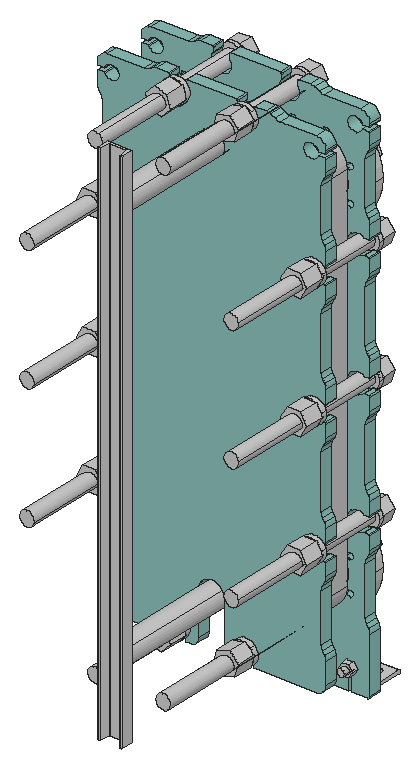
Revit family "Ekin_Endüstriyel - MIT522", category Specialty Equipment, Revit 2022 (continued)
Forms (mm)
  Extrusion 30, solid, material "Galvanized Steel", detail levels coarse
    sketch origin (4.063, -113, 0) x (-1, 0, 0) y (0, 0, 1)
      loop
        circle (214.063, 319) r 21
      loop
        circle (74.063, 80) r 21
      loop
        circle (74.063, 1066) r 21
      loop
        circle (4.063, 158.35) r 25.15
    from 0 to -25 <- "Follower Plate"
  Extrusion 31, solid, material "AISI 316L/Titanium/Hastelloy", detail levels coarse
    sketch origin (0, -25, 0) x (-1, 0, 0) y (0, 0, 1)
      loop
        line (-26.15, 1007.5) -> (-187.5, 1007.5) -> (-187.5, 140.5) -> (-26.15, 140.5) -> (-24.15, 142.5) -> (-24.15, 146.5) -> (-25.15, 148.5) -> (-25.15, 158.35)
        arc (-25.15, 158.35) -> (-20.029, 173.561) -> (-6.75, 182.577) r 25.15
        line (-6.75, 182.577) -> (-6.75, 190.5) -> (6.75, 190.5) -> (6.75, 182.577)
        arc (6.75, 182.577) -> (20.029, 173.561) -> (25.15, 158.35) r 25.15
        line (25.15, 158.35) -> (25.15, 148.5) -> (24.15, 146.5) -> (24.15, 142.5) -> (26.15, 140.5) -> (187.5, 140.5) -> (187.5, 1007.5) -> (26.15, 1007.5) -> (24.15, 1005.5) -> (24.15, 1001.5) -> (25.15, 999.5) -> (25.15, 989.65)
        arc (25.15, 989.65) -> (20.029, 974.439) -> (6.75, 965.423) r 25.15
        line (6.75, 965.423) -> (6.75, 957.5) -> (-6.75, 957.5) -> (-6.75, 965.423)
        arc (-6.75, 965.423) -> (-20.029, 974.439) -> (-25.15, 989.65) r 25.15
        line (-25.15, 989.65) -> (-25.15, 999.5) -> (-24.15, 1001.5) -> (-24.15, 1005.5) -> (-26.15, 1007.5)
    from 0 to -88
  Extrusion 32, solid, material "Galvanized Steel- S235JR", detail levels coarse
    sketch origin (0, 0, 0) x (1, 0, 0) y (0, 0, 1)
      loop
        circle (-111.75, 933) r 110
      loop
        circle (-111.75, 215) r 110
      loop
        circle (111.75, 215) r 110
      loop
        circle (111.75, 933) r 110
    from 0 to -25.5
Cuts and joins
  Extrusion 16 cuts Extrusion 15
  joined: Extrusion 27, Extrusion 28
Dimensions and locks
  "Lk": plane 7 "1" to plane 6 "2"
  "Head & Follower Plate": plane 1 "Center (Front/Back)" to plane 7 "1"
  "Lc": plane 7 "1" to plane 8 "3"
  "Lc": plane 10 to plane 1 "Center (Front/Back)"
  aligned and locked: level to plane 2
  aligned and locked: Extrusion 1 to plane 7 "1"
  aligned and locked: Extrusion 1 to plane 1 "Center (Front/Back)"
  aligned and locked: Extrusion 3 to plane 6 "2"
  aligned and locked: plane 7 "1" to Extrusion 3
  aligned and locked: Extrusion 5 to plane 10
  aligned and locked: Extrusion 5 to plane 1 "Center (Front/Back)"
  aligned and locked: Extrusion 4 to plane 8 "3"
  aligned and locked: Extrusion 4 to Extrusion 1
  aligned and locked: Extrusion 14 sketch curve to plane 8 "3"
  aligned and locked: Extrusion 21 sketch curve to Extrusion 14  (x4)
  aligned and locked: Extrusion 31 to Extrusion 30
  aligned and locked: Extrusion 26 to Extrusion 30
  aligned and locked: Extrusion 29 to Extrusion 1
  aligned and locked: Extrusion 24 to Extrusion 1
  aligned and locked: plane 6 "2" to Extrusion 30
Automatic sketch dimensions
  Extrusion 1 sketch curve to Extrusion 1 sketch curve = 0.00 mm  (x108)
  Extrusion 1 sketch curve to level = 0.00 mm  (x4)
  Extrusion 1 sketch curve to plane 3 "Center (Left/Right)" = 0.00 mm  (x2)
  Extrusion 1 sketch curve to plane 3 "Center (Left/Right)" = 28.601 mm  (x4)
  Extrusion 1 sketch curve to plane 3 "Center (Left/Right)" = 50.98 mm
  Extrusion 1 sketch curve to plane 3 "Center (Left/Right)" = 51.75 mm
  Extrusion 1 sketch curve to Extrusion 1 sketch curve = 2.00 mm  (x37)
  Extrusion 1 sketch curve to Extrusion 1 sketch curve = 17.02 mm  (x4)
  Extrusion 1 sketch curve to Extrusion 1 sketch curve = 16.25 mm  (x16)
  Extrusion 1 sketch curve to Extrusion 1 sketch curve = 48.708 mm  (x14)
  Extrusion 1 sketch curve to Extrusion 1 sketch curve = 7.308 mm  (x4)
  Extrusion 1 sketch curve to Extrusion 1 sketch curve = 83.149 mm  (x2)
  Extrusion 1 sketch curve to Extrusion 1 sketch curve = 34.442 mm  (x6)
  Extrusion 1 sketch curve to Extrusion 1 sketch curve = 23.121 mm  (x2)
  Extrusion 1 sketch curve to Extrusion 1 sketch curve = 30.966 mm  (x2)
  Extrusion 1 sketch curve to Extrusion 1 sketch curve = 10.00 mm  (x18)
  Extrusion 1 sketch curve to Extrusion 1 sketch curve = 8.038 mm  (x16)
  level to Extrusion 1 sketch curve = 49.142 mm  (x2)
  Extrusion 1 sketch curve to Extrusion 1 sketch curve = 14.142 mm  (x6)
  Extrusion 1 sketch curve to Extrusion 1 sketch curve = 15.784 mm  (x2)
  Extrusion 1 sketch curve to Extrusion 1 sketch curve = 68.883 mm  (x10)
  Extrusion 1 sketch curve to Extrusion 1 sketch curve = 34.05 mm  (x2)
  level to Extrusion 1 sketch curve = 33.358 mm  (x2)
  Extrusion 1 sketch curve to Extrusion 1 sketch curve = 5.858 mm
  Extrusion 1 sketch curve to Extrusion 1 sketch curve = 5.00 mm  (x10)
  Extrusion 1 sketch curve to Extrusion 1 sketch curve = 37.00 mm
  Extrusion 1 sketch curve to Extrusion 1 sketch curve = 3.00 mm  (x2)
  Extrusion 1 sketch curve to Extrusion 1 sketch curve = 6.00 mm  (x2)
  Extrusion 1 sketch curve to Extrusion 1 sketch curve = 58.808 mm  (x2)
  Extrusion 1 sketch curve to Extrusion 1 sketch curve = 63.808 mm  (x4)
  Extrusion 1 sketch curve to plane 3 "Center (Left/Right)" = 210.00 mm
  Extrusion 1 sketch curve to Extrusion 1 sketch curve = 20.101 mm  (x6)
  Extrusion 1 sketch curve to Extrusion 1 sketch curve = 5.906 mm  (x2)
  Extrusion 1 sketch curve to Extrusion 1 sketch curve = 13.998 mm  (x14)
  level to Extrusion 1 sketch curve = 136.859 mm  (x2)
  Extrusion 1 sketch curve to Extrusion 1 sketch curve = 2.679 mm  (x26)
  Extrusion 1 sketch curve to Extrusion 1 sketch curve = 32.00 mm  (x3)
  Extrusion 1 sketch curve to Extrusion 1 sketch curve = 4.641 mm  (x18)
  Extrusion 1 sketch curve to Extrusion 1 sketch curve = 9.002 mm  (x16)
  Extrusion 1 sketch curve to Extrusion 1 sketch curve = 12.094 mm  (x2)
  Extrusion 1 sketch curve to Extrusion 1 sketch curve = 17.321 mm  (x7)
  Extrusion 1 sketch curve to Extrusion 1 sketch curve = 20.00 mm  (x10)
  plane 3 "Center (Left/Right)" to Extrusion 1 sketch curve = 28.601 mm  (x4)
  plane 3 "Center (Left/Right)" to Extrusion 1 sketch curve = 50.98 mm
  plane 3 "Center (Left/Right)" to Extrusion 1 sketch curve = 51.75 mm
  level to Extrusion 1 sketch curve = 5.00 mm  (x2)
  plane 3 "Center (Left/Right)" to Extrusion 1 sketch curve = 210.00 mm
  Extrusion 1 sketch curve to Extrusion 1 sketch curve = 15.906 mm
  level to Extrusion 1 sketch curve = 128.821 mm
  level to Extrusion 1 sketch curve = 34.417 mm
  Extrusion 1 sketch curve to Extrusion 1 sketch curve = 34.417 mm
  Extrusion 1 sketch curve to Extrusion 1 sketch curve = 10.583 mm  (x2)
  Extrusion 1 sketch curve to Extrusion 1 sketch curve = 18.038 mm
  Extrusion 1 sketch curve to Extrusion 1 sketch curve = 13.03 mm  (x2)
  Extrusion 1 sketch curve to Extrusion 1 sketch curve = 51.851 mm  (x2)
  Extrusion 1 sketch curve to Extrusion 1 sketch curve = 24.149 mm
  Extrusion 1 sketch curve to Extrusion 1 sketch curve = 33.70 mm  (x2)
  Extrusion 1 sketch curve to Extrusion 1 sketch curve = 24.558 mm  (x3)
  Extrusion 1 sketch curve to Extrusion 1 sketch curve = 65.583 mm  (x2)
  Extrusion 1 sketch curve to Extrusion 1 sketch curve = 3.30 mm  (x4)
  Extrusion 1 sketch curve to Extrusion 1 sketch curve = 26.571 mm  (x12)
  Extrusion 1 sketch curve to Extrusion 1 sketch curve = 109.282 mm  (x4)
  Extrusion 1 sketch curve to Extrusion 1 sketch curve = 20.851 mm  (x2)
  Extrusion 1 sketch curve to Extrusion 1 sketch curve = 23.70 mm  (x2)
  Extrusion 1 sketch curve to Extrusion 1 sketch curve = 23.821 mm  (x2)
  Extrusion 1 sketch curve to Extrusion 1 sketch curve = 4.00 mm  (x2)
  Extrusion 1 sketch curve to Extrusion 1 sketch curve = 8.00 mm  (x2)
  Extrusion 1 sketch curve to Extrusion 1 sketch curve = 5.706 mm
  Extrusion 1 sketch curve to Extrusion 1 sketch curve = 49.851 mm  (x2)
  Extrusion 1 sketch curve to Extrusion 1 sketch curve = 12.933 mm  (x4)
  Extrusion 1 sketch curve to Extrusion 1 sketch curve = 9.067 mm
  Extrusion 1 sketch curve to Extrusion 1 sketch curve = 6.25 mm
  Extrusion 1 sketch curve to plane 3 "Center (Left/Right)" = 6.25 mm
  Extrusion 1 sketch curve to Extrusion 1 sketch curve = 7.00 mm  (x32)
  Extrusion 1 sketch curve to Extrusion 1 sketch curve = 21.862 mm  (x4)
  Extrusion 1 sketch curve to Extrusion 1 sketch curve = 28.862 mm  (x4)
  Extrusion 1 sketch curve to Extrusion 1 sketch curve = 6.352 mm  (x4)
  Extrusion 2 sketch curve to Extrusion 2 sketch curve = 0.00 mm  (x25)
  Extrusion 2 sketch curve to plane 3 "Center (Left/Right)" = 0.00 mm  (x2)
  plane 3 "Center (Left/Right)" to Extrusion 2 sketch curve = 26.50 mm
  Extrusion 2 sketch curve to Extrusion 2 sketch curve = 15.00 mm  (x2)
  plane 3 "Center (Left/Right)" to Extrusion 2 sketch curve = 50.98 mm
  Extrusion 2 sketch curve to Extrusion 2 sketch curve = 10.25 mm  (x2)
  Extrusion 2 sketch curve to Extrusion 2 sketch curve = 2.00 mm  (x39)
  Extrusion 2 sketch curve to Extrusion 2 sketch curve = 16.25 mm  (x16)
  Extrusion 2 sketch curve to Extrusion 2 sketch curve = 17.02 mm  (x4)
  Extrusion 2 sketch curve to Extrusion 2 sketch curve = 23.121 mm  (x2)
  Extrusion 2 sketch curve to Extrusion 2 sketch curve = 10.00 mm  (x20)
  Extrusion 2 sketch curve to Extrusion 2 sketch curve = 8.038 mm  (x18)
  Extrusion 2 sketch curve to Extrusion 2 sketch curve = 64.821 mm  (x2)
  plane 3 "Center (Left/Right)" to Extrusion 2 sketch curve = 210.00 mm  (x3)
  Extrusion 2 sketch curve to Extrusion 2 sketch curve = 126.75 mm  (x2)
  Extrusion 2 sketch curve to Extrusion 2 sketch curve = 5.00 mm  (x13)
  Extrusion 2 sketch curve to Extrusion 2 sketch curve = 5.906 mm
  Extrusion 2 sketch curve to Extrusion 2 sketch curve = 13.998 mm  (x12)
  Extrusion 2 sketch curve to Extrusion 2 sketch curve = 2.679 mm  (x23)
  level to Extrusion 2 sketch curve = 136.859 mm  (x2)
  Extrusion 2 sketch curve to Extrusion 2 sketch curve = 4.641 mm  (x18)
  Extrusion 2 sketch curve to Extrusion 2 sketch curve = 12.094 mm  (x2)
  Extrusion 2 sketch curve to Extrusion 2 sketch curve = 9.002 mm  (x16)
  Extrusion 2 sketch curve to Extrusion 2 sketch curve = 17.321 mm  (x7)
  Extrusion 2 sketch curve to Extrusion 2 sketch curve = 20.00 mm  (x10)
  Extrusion 2 sketch curve to plane 3 "Center (Left/Right)" = 50.98 mm
  Extrusion 2 sketch curve to plane 3 "Center (Left/Right)" = 210.00 mm  (x3)
  Extrusion 2 sketch curve to Extrusion 2 sketch curve = 15.906 mm
  level to Extrusion 2 sketch curve = 80.00 mm  (x2)
  Extrusion 2 sketch curve to Extrusion 2 sketch curve = 43.821 mm  (x2)
  Extrusion 2 sketch curve to Extrusion 2 sketch curve = 91.00 mm
  Extrusion 2 sketch curve to Extrusion 2 sketch curve = 99.282 mm  (x2)
  Extrusion 2 sketch curve to Extrusion 2 sketch curve = 26.571 mm  (x12)
  Extrusion 2 sketch curve to Extrusion 2 sketch curve = 109.282 mm  (x4)
  Extrusion 2 sketch curve to Extrusion 2 sketch curve = 89.282 mm  (x2)
  Extrusion 2 sketch curve to Extrusion 2 sketch curve = 0.859 mm
  Extrusion 2 sketch curve to Extrusion 2 sketch curve = 23.821 mm  (x2)
  Extrusion 2 sketch curve to Extrusion 2 sketch curve = 4.00 mm  (x2)
  Extrusion 2 sketch curve to Extrusion 2 sketch curve = 8.00 mm  (x2)
  Extrusion 2 sketch curve to Extrusion 2 sketch curve = 5.706 mm
  Extrusion 2 sketch curve to Extrusion 2 sketch curve = 14.00 mm  (x2)
  Extrusion 2 sketch curve to Extrusion 2 sketch curve = 12.933 mm  (x4)
  Extrusion 2 sketch curve to Extrusion 2 sketch curve = 9.067 mm
  plane 3 "Center (Left/Right)" to Extrusion 2 sketch curve = 19.252 mm
  Extrusion 2 sketch curve to plane 3 "Center (Left/Right)" = 19.252 mm
  Extrusion 2 sketch curve to Extrusion 2 sketch curve = 15.949 mm
  Extrusion 3 sketch curve to Extrusion 3 sketch curve = 0.00 mm  (x5)
  Extrusion 3 sketch curve to plane 3 "Center (Left/Right)" = 0.00 mm  (x2)
  plane 3 "Center (Left/Right)" to Extrusion 3 sketch curve = 6.75 mm  (x2)
  plane 3 "Center (Left/Right)" to Extrusion 3 sketch curve = 24.15 mm  (x2)
  Extrusion 3 sketch curve to Extrusion 3 sketch curve = 1.00 mm  (x4)
  Extrusion 3 sketch curve to Extrusion 3 sketch curve = 2.00 mm  (x12)
  Extrusion 3 sketch curve to Extrusion 3 sketch curve = 112.35 mm  (x3)
  Extrusion 3 sketch curve to Extrusion 3 sketch curve = 50.00 mm  (x4)
  Extrusion 3 sketch curve to plane 3 "Center (Left/Right)" = 6.75 mm  (x2)
  Extrusion 3 sketch curve to plane 3 "Center (Left/Right)" = 24.15 mm  (x2)
  Extrusion 3 sketch curve to Extrusion 3 sketch curve = 111.35 mm
  level to Extrusion 3 sketch curve = 140.50 mm
  Extrusion 3 sketch curve to Extrusion 3 sketch curve = 4.00 mm  (x2)
  Extrusion 3 sketch curve to Extrusion 3 sketch curve = 9.85 mm
  Extrusion 3 sketch curve to Extrusion 3 sketch curve = 7.923 mm  (x2)
  Extrusion 3 sketch curve to Extrusion 3 sketch curve = 767.00 mm
  Extrusion 3 sketch curve to Extrusion 3 sketch curve = 8.00 mm  (x2)
  Extrusion 4 sketch curve to Extrusion 4 sketch curve = 0.00 mm  (x4)
  Extrusion 4 sketch curve to plane 3 "Center (Left/Right)" = 0.00 mm  (x2)
  level to Extrusion 4 sketch curve = 156.00 mm
  Extrusion 4 sketch curve to Extrusion 4 sketch curve = 836.00 mm
  Extrusion 4 sketch curve to plane 3 "Center (Left/Right)" = 19.252 mm  (x2)
  plane 3 "Center (Left/Right)" to Extrusion 4 sketch curve = 19.252 mm  (x2)
  Extrusion 4 sketch curve to Extrusion 4 sketch curve = 15.949 mm  (x2)
  Extrusion 5 sketch curve to Extrusion 5 sketch curve = 0.00 mm  (x21)
  Extrusion 5 sketch curve to plane 3 "Center (Left/Right)" = 210.00 mm  (x3)
  Extrusion 5 sketch curve to plane 3 "Center (Left/Right)" = 70.00 mm  (x2)
  plane 3 "Center (Left/Right)" to Extrusion 5 sketch curve = 70.00 mm  (x2)
  plane 3 "Center (Left/Right)" to Extrusion 5 sketch curve = 210.00 mm  (x3)
  level to Extrusion 5 sketch curve = 80.00 mm  (x2)
  Extrusion 5 sketch curve to Extrusion 5 sketch curve = 239.00 mm  (x2)
  Extrusion 5 sketch curve to Extrusion 5 sketch curve = 255.00 mm  (x4)
  Extrusion 5 sketch curve to Extrusion 5 sketch curve = 237.00 mm
  Extrusion 5 sketch curve to Extrusion 5 sketch curve = 14.77 mm  (x12)
  Extrusion 5 sketch curve to Extrusion 5 sketch curve = 6.518 mm  (x8)
  Extrusion 5 sketch curve to Extrusion 5 sketch curve = 13.51 mm  (x4)
  Extrusion 5 sketch curve to Extrusion 5 sketch curve = 2.618 mm  (x6)
  level to Extrusion 6 sketch curve = 45.00 mm  (x4)
  Extrusion 6 sketch curve to plane 3 "Center (Left/Right)" = 208.856 mm
  Extrusion 6 sketch curve to Extrusion 6 sketch curve = 6.928 mm  (x6)
  level to Extrusion 6 sketch curve = 57.00 mm  (x2)
  Extrusion 6 sketch curve to Extrusion 6 sketch curve = 13.856 mm  (x4)
  plane 3 "Center (Left/Right)" to Extrusion 6 sketch curve = 181.144 mm
  level to Extrusion 6 sketch curve = 33.00 mm
  Extrusion 6 sketch curve to Extrusion 6 sketch curve = 12.00 mm
  Extrusion 7 sketch curve to Extrusion 7 sketch curve = 0.00 mm  (x4)
  level to Extrusion 7 sketch curve = 45.00 mm  (x2)
  Extrusion 7 sketch curve to plane 3 "Center (Left/Right)" = 195.00 mm
  plane 3 "Center (Left/Right)" to Extrusion 7 sketch curve = 195.00 mm
  Extrusion 7 sketch curve to Extrusion 7 sketch curve = 0.115 mm  (x4)
  Extrusion 7 sketch curve to Extrusion 7 sketch curve = 15.00 mm  (x2)
  Extrusion 8 sketch curve to Extrusion 8 sketch curve = 0.00 mm  (x4)
  level to Extrusion 8 sketch curve = 45.00 mm  (x2)
  Extrusion 8 sketch curve to plane 3 "Center (Left/Right)" = 195.004 mm
  plane 3 "Center (Left/Right)" to Extrusion 8 sketch curve = 195.004 mm
  Extrusion 8 sketch curve to Extrusion 8 sketch curve = 5.851 mm  (x4)
  Extrusion 8 sketch curve to Extrusion 8 sketch curve = 3.843 mm  (x2)
  level to Extrusion 9 sketch curve = 45.00 mm  (x4)
  Extrusion 9 sketch curve to plane 3 "Center (Left/Right)" = 208.856 mm
  level to Extrusion 9 sketch curve = 33.00 mm  (x2)
  Extrusion 9 sketch curve to Extrusion 9 sketch curve = 6.928 mm  (x6)
  level to Extrusion 9 sketch curve = 57.00 mm  (x2)
  Extrusion 9 sketch curve to Extrusion 9 sketch curve = 13.856 mm  (x4)
  plane 3 "Center (Left/Right)" to Extrusion 9 sketch curve = 181.144 mm
  Extrusion 10 sketch curve to Extrusion 10 sketch curve = 0.00 mm  (x25)
  Extrusion 10 sketch curve to plane 3 "Center (Left/Right)" = 111.75 mm  (x2)
  plane 3 "Center (Left/Right)" to Extrusion 10 sketch curve = 111.75 mm  (x2)
  level to Extrusion 10 sketch curve = 215.00 mm  (x2)
  Extrusion 10 sketch curve to Extrusion 10 sketch curve = 718.00 mm
  Extrusion 10 sketch curve to Extrusion 10 sketch curve = 5.58 mm  (x8)
  Extrusion 10 sketch curve to Extrusion 10 sketch curve = 76.798 mm  (x4)
  Extrusion 11 sketch curve to Extrusion 11 sketch curve = 0.00 mm  (x81)
  Extrusion 11 sketch curve to plane 3 "Center (Left/Right)" = 194.899 mm  (x2)
  Extrusion 11 sketch curve to Extrusion 11 sketch curve = 48.708 mm  (x20)
  Extrusion 11 sketch curve to Extrusion 11 sketch curve = 68.883 mm  (x14)
  Extrusion 11 sketch curve to plane 3 "Center (Left/Right)" = 28.601 mm  (x4)
  plane 3 "Center (Left/Right)" to Extrusion 11 sketch curve = 28.601 mm  (x4)
  level to Extrusion 11 sketch curve = 131.851 mm  (x2)
  Extrusion 11 sketch curve to Extrusion 11 sketch curve = 551.702 mm
  Extrusion 11 sketch curve to Extrusion 11 sketch curve = 8.542 mm  (x24)
  Extrusion 11 sketch curve to Extrusion 11 sketch curve = 14.759 mm  (x20)
  Extrusion 11 sketch curve to Extrusion 11 sketch curve = 12.33 mm  (x24)
  Extrusion 11 sketch curve to Extrusion 11 sketch curve = 2.679 mm  (x24)
  Extrusion 11 sketch curve to plane 3 "Center (Left/Right)" = 13.842 mm  (x2)
  plane 3 "Center (Left/Right)" to Extrusion 11 sketch curve = 13.842 mm  (x2)
  Extrusion 12 sketch curve to plane 3 "Center (Left/Right)" = 209.284 mm  (x2)
  Extrusion 12 sketch curve to Extrusion 12 sketch curve = 0.183 mm  (x2)
  Extrusion 12 sketch curve to Extrusion 12 sketch curve = 4.869 mm  (x21)
  Extrusion 12 sketch curve to Extrusion 12 sketch curve = 6.165 mm  (x21)
  Extrusion 12 sketch curve to Extrusion 12 sketch curve = 8.22 mm  (x25)
  Extrusion 12 sketch curve to Extrusion 12 sketch curve = 9.333 mm  (x25)
  Extrusion 12 sketch curve to Extrusion 12 sketch curve = 14.202 mm  (x32)
  Extrusion 12 sketch curve to Extrusion 12 sketch curve = 14.385 mm  (x32)
  Extrusion 12 sketch curve to Extrusion 12 sketch curve = 28.954 mm  (x12)
  Extrusion 12 sketch curve to Extrusion 12 sketch curve = 30.788 mm  (x4)
  Extrusion 12 sketch curve to Extrusion 12 sketch curve = 1.186 mm  (x17)
  Extrusion 12 sketch curve to Extrusion 12 sketch curve = 2.577 mm  (x26)
  Extrusion 12 sketch curve to Extrusion 12 sketch curve = 11.01 mm  (x22)
  Extrusion 12 sketch curve to Extrusion 12 sketch curve = 11.865 mm  (x31)
  Extrusion 12 sketch curve to Extrusion 12 sketch curve = 13.051 mm  (x32)
  Extrusion 12 sketch curve to Extrusion 12 sketch curve = 13.588 mm  (x32)
  Extrusion 12 sketch curve to Extrusion 12 sketch curve = 41.707 mm  (x4)
  Extrusion 12 sketch curve to Extrusion 12 sketch curve = 42.782 mm  (x4)
  Extrusion 12 sketch curve to plane 3 "Center (Left/Right)" = 42.986 mm  (x2)
  Extrusion 12 sketch curve to plane 3 "Center (Left/Right)" = 42.803 mm  (x2)
  Extrusion 12 sketch curve to plane 3 "Center (Left/Right)" = 14.399 mm  (x2)
  Extrusion 12 sketch curve to plane 3 "Center (Left/Right)" = 14.216 mm  (x2)
  plane 3 "Center (Left/Right)" to Extrusion 12 sketch curve = 14.216 mm  (x2)
  plane 3 "Center (Left/Right)" to Extrusion 12 sketch curve = 14.399 mm  (x2)
  Extrusion 12 sketch curve to Extrusion 12 sketch curve = 31.745 mm  (x2)
  Extrusion 12 sketch curve to Extrusion 12 sketch curve = 21.455 mm  (x10)
  level to Extrusion 12 sketch curve = 117.466 mm  (x2)
  Extrusion 12 sketch curve to Extrusion 12 sketch curve = 0.00 mm  (x5)
  Extrusion 12 sketch curve to Extrusion 12 sketch curve = 42.244 mm  (x8)
  Extrusion 12 sketch curve to Extrusion 12 sketch curve = 523.115 mm
  Extrusion 13 sketch curve to Extrusion 13 sketch curve = 0.00 mm  (x4)
  Extrusion 13 sketch curve to plane 3 "Center (Left/Right)" = 0.00 mm  (x2)
  level to Extrusion 13 sketch curve = 156.015 mm
  Extrusion 13 sketch curve to Extrusion 13 sketch curve = 835.97 mm
  Extrusion 13 sketch curve to plane 3 "Center (Left/Right)" = 9.00 mm  (x2)
  Extrusion 14 sketch curve to plane 3 "Center (Left/Right)" = 25.00 mm
  Extrusion 14 sketch curve to Extrusion 14 sketch curve = 2.00 mm
  Extrusion 14 sketch curve to Extrusion 14 sketch curve = 0.974 mm  (x2)
  Extrusion 14 sketch curve to Extrusion 14 sketch curve = 1.481 mm  (x2)
  Extrusion 14 sketch curve to plane 8 "3" = 6.676 mm  (x2)
  Extrusion 14 sketch curve to Extrusion 14 sketch curve = 7.228 mm  (x2)
  Extrusion 14 sketch curve to Extrusion 14 sketch curve = 2.692 mm  (x2)
  Extrusion 14 sketch curve to plane 8 "3" = 8.00 mm
  plane 3 "Center (Left/Right)" to Extrusion 14 sketch curve = 15.08 mm
  Extrusion 14 sketch curve to Extrusion 14 sketch curve = 5.465 mm
  Extrusion 14 sketch curve to Extrusion 14 sketch curve = 16.324 mm
  Extrusion 14 sketch curve to Extrusion 14 sketch curve = 15.00 mm
  Extrusion 14 sketch curve to Extrusion 14 sketch curve = 0.50 mm  (x2)
  Extrusion 15 sketch curve to level = 0.00 mm
  Extrusion 15 sketch curve to plane 1 "Center (Front/Back)" = 0.00 mm
  level to Extrusion 15 sketch curve = 1.00 mm
  Extrusion 15 sketch curve to Extrusion 15 sketch curve = 2.00 mm
  Extrusion 15 sketch curve to Extrusion 15 sketch curve = 3.50 mm
  level to Extrusion 15 sketch curve = 7.50 mm
  Extrusion 15 sketch curve to Extrusion 15 sketch curve = 5.00 mm
  Extrusion 15 sketch curve to plane 1 "Center (Front/Back)" = 4.50 mm
  Extrusion 15 sketch curve to Extrusion 15 sketch curve = 54.50 mm
  Extrusion 15 sketch curve to Extrusion 15 sketch curve = 3.00 mm
  plane 9 "Bolt End" to Extrusion 15 sketch curve = 49.30 mm
  Extrusion 16 sketch curve to Extrusion 16 sketch curve = 0.00 mm  (x4)
  plane 1 "Center (Front/Back)" to Extrusion 16 sketch curve = 0.00 mm
  plane 9 "Bolt End" to Extrusion 16 sketch curve = 26.30 mm  (x2)
  Extrusion 16 sketch curve to Extrusion 16 sketch curve = 25.00 mm  (x3)
  Extrusion 16 sketch curve to plane 3 "Center (Left/Right)" = 195.00 mm
  plane 3 "Center (Left/Right)" to Extrusion 16 sketch curve = 170.00 mm
  Extrusion 16 sketch curve to Extrusion 16 sketch curve = 9.00 mm  (x2)
  Extrusion 17 sketch curve to Extrusion 17 sketch curve = 0.00 mm  (x21)
  Extrusion 17 sketch curve to plane 3 "Center (Left/Right)" = 210.00 mm  (x3)
  Extrusion 17 sketch curve to plane 3 "Center (Left/Right)" = 70.00 mm  (x2)
  plane 3 "Center (Left/Right)" to Extrusion 17 sketch curve = 70.00 mm  (x2)
  plane 3 "Center (Left/Right)" to Extrusion 17 sketch curve = 210.00 mm  (x3)
  level to Extrusion 17 sketch curve = 80.00 mm  (x2)
  Extrusion 17 sketch curve to Extrusion 17 sketch curve = 239.00 mm  (x2)
  Extrusion 17 sketch curve to Extrusion 17 sketch curve = 255.00 mm  (x4)
  Extrusion 17 sketch curve to Extrusion 17 sketch curve = 237.00 mm
  Extrusion 17 sketch curve to Extrusion 17 sketch curve = 25.00 mm  (x6)
  Extrusion 17 sketch curve to Extrusion 17 sketch curve = 23.706 mm  (x8)
  Extrusion 17 sketch curve to Extrusion 17 sketch curve = 7.938 mm  (x4)
  Extrusion 2 to Extrusion 18 sketch curve = 1.554 mm  (x6)
  Extrusion 18 sketch curve to Extrusion 2 = 1.342 mm  (x6)
  Extrusion 18 sketch curve to Extrusion 2 = 2.104 mm  (x6)
  Extrusion 18 sketch curve to Extrusion 2 = 6.967 mm  (x12)
  Extrusion 18 sketch curve to Extrusion 18 sketch curve = 26.554 mm  (x6)
  Extrusion 18 sketch curve to Extrusion 2 = 6.527 mm  (x12)
  Extrusion 2 to Extrusion 18 sketch curve = 15.81 mm  (x12)
  Extrusion 18 sketch curve to Extrusion 18 sketch curve = 12.896 mm  (x5)
  Extrusion 18 sketch curve to Extrusion 18 sketch curve = 13.658 mm  (x4)
  Extrusion 18 sketch curve to Extrusion 2 = 8.76 mm  (x8)
  Extrusion 18 sketch curve to Extrusion 2 = 1.397 mm  (x8)
  Extrusion 2 to Extrusion 18 sketch curve = 8.886 mm  (x8)
  Extrusion 2 to Extrusion 18 sketch curve = 1.517 mm  (x2)
  Extrusion 2 to Extrusion 18 sketch curve = 0.517 mm  (x2)
  Extrusion 18 sketch curve to Extrusion 2 = 41.554 mm  (x3)
  Extrusion 18 sketch curve to Extrusion 2 = 5.865 mm  (x2)
  Extrusion 18 sketch curve to Extrusion 2 = 18.619 mm  (x2)
  Extrusion 18 sketch curve to Extrusion 18 sketch curve = 25.517 mm  (x4)
  Extrusion 18 sketch curve to Extrusion 18 sketch curve = 6.381 mm  (x2)
  Extrusion 18 sketch curve to Extrusion 2 = 4.517 mm  (x2)
  Extrusion 2 to Extrusion 18 sketch curve = 1.865 mm  (x2)
  Extrusion 18 sketch curve to Extrusion 2 = 6.619 mm  (x2)
  Extrusion 18 sketch curve to Extrusion 2 = 7.619 mm  (x2)
  Extrusion 18 sketch curve to Extrusion 2 = 4.865 mm  (x2)
  Extrusion 19 sketch curve to Extrusion 19 sketch curve = 0.00 mm  (x10)
  Extrusion 19 sketch curve to Extrusion 2 = 0.826 mm  (x6)
  Extrusion 2 to Extrusion 19 sketch curve = 9.877 mm  (x6)
  Extrusion 19 sketch curve to Extrusion 2 = 1.47 mm  (x8)
  Extrusion 20 sketch curve to plane 3 "Center (Left/Right)" = 235.866 mm  (x3)
  Extrusion 20 sketch curve to Extrusion 20 sketch curve = 8.963 mm  (x9)
  Extrusion 20 sketch curve to Extrusion 20 sketch curve = 16.903 mm  (x9)
  Extrusion 20 sketch curve to Extrusion 20 sketch curve = 25.866 mm  (x12)
  Extrusion 20 sketch curve to plane 3 "Center (Left/Right)" = 96.197 mm  (x2)
  Extrusion 20 sketch curve to Extrusion 20 sketch curve = 11.415 mm  (x6)
  Extrusion 20 sketch curve to Extrusion 20 sketch curve = 14.783 mm  (x6)
  Extrusion 20 sketch curve to Extrusion 20 sketch curve = 26.197 mm  (x8)
  plane 3 "Center (Left/Right)" to Extrusion 20 sketch curve = 43.803 mm  (x2)
  plane 3 "Center (Left/Right)" to Extrusion 20 sketch curve = 184.134 mm  (x3)
  level to Extrusion 20 sketch curve = 56.34 mm  (x2)
  Extrusion 20 sketch curve to Extrusion 20 sketch curve = 1.944 mm  (x4)
  Extrusion 20 sketch curve to Extrusion 20 sketch curve = 21.715 mm  (x8)
  Extrusion 20 sketch curve to Extrusion 20 sketch curve = 23.66 mm  (x8)
  Extrusion 20 sketch curve to Extrusion 20 sketch curve = 192.592 mm  (x2)
  Extrusion 20 sketch curve to Extrusion 20 sketch curve = 4.584 mm  (x10)
  Extrusion 20 sketch curve to Extrusion 20 sketch curve = 20.109 mm  (x8)
  Extrusion 20 sketch curve to Extrusion 20 sketch curve = 24.693 mm  (x12)
  Extrusion 20 sketch curve to Extrusion 20 sketch curve = 205.614 mm  (x4)
  Extrusion 20 sketch curve to Extrusion 20 sketch curve = 193.231 mm
  Extrusion 20 sketch curve to Extrusion 20 sketch curve = 0.00 mm
  Extrusion 22 sketch curve to Extrusion 22 sketch curve = 0.00 mm  (x125)
  Extrusion 22 sketch curve to plane 3 "Center (Left/Right)" = 194.899 mm  (x2)
  Extrusion 22 sketch curve to Extrusion 22 sketch curve = 48.708 mm  (x22)
  Extrusion 22 sketch curve to Extrusion 22 sketch curve = 34.442 mm  (x14)
  Extrusion 22 sketch curve to Extrusion 22 sketch curve = 68.883 mm  (x8)
  Extrusion 22 sketch curve to plane 3 "Center (Left/Right)" = 28.601 mm  (x4)
  plane 3 "Center (Left/Right)" to Extrusion 22 sketch curve = 28.601 mm  (x4)
  Extrusion 22 sketch curve to Extrusion 22 sketch curve = 83.149 mm  (x2)
  level to Extrusion 22 sketch curve = 131.851 mm  (x2)
  Extrusion 22 sketch curve to Extrusion 22 sketch curve = 551.702 mm
  Extrusion 22 sketch curve to Extrusion 22 sketch curve = 7.00 mm  (x32)
  Extrusion 22 sketch curve to Extrusion 22 sketch curve = 19.851 mm  (x2)
  Extrusion 22 sketch curve to Extrusion 22 sketch curve = 21.862 mm  (x4)
  Extrusion 22 sketch curve to Extrusion 22 sketch curve = 28.862 mm  (x4)
  plane 3 "Center (Left/Right)" to Extrusion 22 sketch curve = 1.75 mm  (x2)
  Extrusion 22 sketch curve to Extrusion 22 sketch curve = 6.352 mm  (x4)
  Extrusion 23 sketch curve to Extrusion 23 sketch curve = 0.00 mm  (x4)
  Extrusion 23 sketch curve to plane 3 "Center (Left/Right)" = 0.00 mm  (x2)
  level to Extrusion 23 sketch curve = 156.00 mm
  Extrusion 23 sketch curve to Extrusion 23 sketch curve = 836.00 mm
  Extrusion 23 sketch curve to plane 3 "Center (Left/Right)" = 4.875 mm  (x2)
  plane 3 "Center (Left/Right)" to Extrusion 23 sketch curve = 4.875 mm  (x2)
  Extrusion 23 sketch curve to Extrusion 23 sketch curve = 10.965 mm  (x2)
  Extrusion 24 sketch curve to Extrusion 24 sketch curve = 0.00 mm  (x12)
  Extrusion 24 sketch curve to level = 0.00 mm  (x2)
  Extrusion 24 sketch curve to plane 4 = 1000.00 mm
  Extrusion 24 sketch curve to plane 4 = 1005.00 mm
  Extrusion 24 sketch curve to plane 4 = 1025.179 mm
  Extrusion 24 sketch curve to plane 4 = 1032.50 mm
  Extrusion 24 sketch curve to Extrusion 24 sketch curve = 17.321 mm  (x2)
  Extrusion 24 sketch curve to plane 4 = 1048.25 mm  (x2)
  Extrusion 24 sketch curve to Extrusion 24 sketch curve = 47.50 mm  (x2)
  Extrusion 24 sketch curve to Extrusion 24 sketch curve = 57.50 mm  (x2)
  Extrusion 24 sketch curve to Extrusion 24 sketch curve = 70.00 mm  (x4)
  Extrusion 24 sketch curve to Extrusion 24 sketch curve = 111.75 mm  (x2)
  level to Extrusion 24 sketch curve = 5.00 mm  (x3)
  Extrusion 24 sketch curve to Extrusion 24 sketch curve = 27.50 mm  (x2)
  Extrusion 24 sketch curve to Extrusion 24 sketch curve = 40.00 mm
  Extrusion 24 sketch curve to Extrusion 24 sketch curve = 70.179 mm
  Extrusion 24 sketch curve to plane 4 = 1370.00 mm
  Extrusion 24 sketch curve to Extrusion 24 sketch curve = 98.25 mm  (x2)
  Extrusion 24 sketch curve to Extrusion 24 sketch curve = 10.00 mm  (x3)
  Extrusion 24 sketch curve to Extrusion 24 sketch curve = 35.00 mm  (x2)
  Extrusion 24 sketch curve to plane 4 = 965.00 mm
  Extrusion 24 sketch curve to plane 4 = 955.00 mm
  Extrusion 24 sketch curve to plane 4 = 950.00 mm  (x3)
  Extrusion 24 sketch curve to Extrusion 24 sketch curve = 22.50 mm  (x2)
  Extrusion 24 sketch curve to Extrusion 24 sketch curve = 17.50 mm  (x2)
  Extrusion 24 sketch curve to Extrusion 24 sketch curve = 25.00 mm  (x2)
  Extrusion 24 sketch curve to Extrusion 24 sketch curve = 76.00 mm
  Extrusion 24 sketch curve to Extrusion 24 sketch curve = 59.00 mm  (x3)
  Extrusion 24 sketch curve to Extrusion 24 sketch curve = 104.00 mm  (x4)
  Extrusion 24 sketch curve to Extrusion 24 sketch curve = 255.00 mm  (x4)
  Extrusion 24 sketch curve to Extrusion 24 sketch curve = 116.00 mm  (x2)
  Extrusion 24 sketch curve to Extrusion 24 sketch curve = 11.00 mm  (x2)
  Extrusion 24 sketch curve to Extrusion 24 sketch curve = 14.00 mm  (x2)
  Extrusion 24 sketch curve to plane 4 = 1042.67 mm  (x2)
  Extrusion 24 sketch curve to plane 4 = 1053.83 mm  (x2)
  Extrusion 24 sketch curve to Extrusion 24 sketch curve = 6.25 mm  (x2)
  Extrusion 24 sketch curve to Extrusion 24 sketch curve = 5.58 mm  (x2)
  Extrusion 24 sketch curve to Extrusion 24 sketch curve = 36.17 mm
  Extrusion 24 sketch curve to Extrusion 24 sketch curve = 47.33 mm
  Extrusion 24 sketch curve to Extrusion 24 sketch curve = 58.202 mm  (x2)
  Extrusion 24 sketch curve to Extrusion 24 sketch curve = 76.798 mm  (x2)
  Extrusion 26 sketch curve to Extrusion 26 sketch curve = 0.00 mm  (x7)
  Extrusion 26 sketch curve to plane 4 = 972.50 mm
  Extrusion 26 sketch curve to plane 4 = 1022.50 mm  (x2)
  Extrusion 26 sketch curve to Extrusion 26 sketch curve = 111.35 mm  (x4)
  Extrusion 26 sketch curve to Extrusion 26 sketch curve = 1.00 mm  (x6)
  Extrusion 26 sketch curve to Extrusion 26 sketch curve = 18.40 mm  (x2)
  Extrusion 26 sketch curve to Extrusion 26 sketch curve = 25.15 mm
  Extrusion 26 sketch curve to Extrusion 26 sketch curve = 6.75 mm
  Extrusion 26 sketch curve to Extrusion 26 sketch curve = 13.50 mm  (x2)
  Extrusion 26 sketch curve to Extrusion 26 sketch curve = 24.15 mm  (x2)
  Extrusion 26 sketch curve to Extrusion 26 sketch curve = 2.00 mm  (x9)
  level to Extrusion 26 sketch curve = 140.50 mm
  Extrusion 26 sketch curve to Extrusion 26 sketch curve = 50.00 mm  (x4)
  Extrusion 26 sketch curve to Extrusion 26 sketch curve = 4.00 mm  (x4)
  Extrusion 26 sketch curve to Extrusion 26 sketch curve = 11.85 mm
  Extrusion 26 sketch curve to Extrusion 26 sketch curve = 7.923 mm  (x2)
  Extrusion 26 sketch curve to Extrusion 26 sketch curve = 767.00 mm
  Extrusion 26 sketch curve to Extrusion 26 sketch curve = 9.85 mm  (x2)
  Extrusion 27 sketch curve to Extrusion 27 sketch curve = 0.00 mm  (x50)
  Extrusion 27 sketch curve to plane 4 = 1271.75 mm  (x2)
  Extrusion 27 sketch curve to plane 4 = 1048.25 mm  (x2)
  level to Extrusion 27 sketch curve = 215.00 mm
  Extrusion 27 sketch curve to Extrusion 27 sketch curve = 718.00 mm
  Extrusion 27 sketch curve to Extrusion 27 sketch curve = 3.623 mm  (x8)
  Extrusion 27 sketch curve to Extrusion 27 sketch curve = 110.00 mm  (x2)
  Extrusion 27 sketch curve to Extrusion 27 sketch curve = 3.50 mm  (x2)
  Extrusion 27 sketch curve to Extrusion 27 sketch curve = 49.869 mm  (x4)
  Extrusion 28 sketch curve to Extrusion 28 sketch curve = 0.00 mm  (x25)
  Extrusion 28 sketch curve to plane 4 = 1271.75 mm  (x2)
  Extrusion 28 sketch curve to plane 4 = 1048.25 mm  (x2)
  level to Extrusion 28 sketch curve = 215.00 mm  (x2)
  Extrusion 28 sketch curve to Extrusion 28 sketch curve = 718.00 mm
  Extrusion 28 sketch curve to Extrusion 28 sketch curve = 5.58 mm  (x4)
  Extrusion 28 sketch curve to plane 4 = 1053.83 mm  (x2)
  Extrusion 28 sketch curve to plane 4 = 1042.67 mm  (x2)
  Extrusion 28 sketch curve to Extrusion 28 sketch curve = 76.798 mm  (x4)
  Extrusion 29 sketch curve to level = 0.00 mm  (x2)
  plane 5 to Extrusion 29 sketch curve = 1000.00 mm  (x2)
  plane 5 to Extrusion 29 sketch curve = 930.00 mm  (x2)
  Extrusion 29 sketch curve to Extrusion 29 sketch curve = 85.00 mm  (x2)
  level to Extrusion 29 sketch curve = 5.00 mm  (x2)
  Extrusion 29 sketch curve to Extrusion 29 sketch curve = 40.00 mm  (x2)
  plane 5 to Extrusion 29 sketch curve = 790.00 mm  (x3)
  Extrusion 29 sketch curve to Extrusion 29 sketch curve = 35.00 mm  (x2)
  plane 5 to Extrusion 29 sketch curve = 1070.00 mm  (x2)
  Extrusion 29 sketch curve to Extrusion 29 sketch curve = 5.00 mm  (x2)
  plane 5 to Extrusion 29 sketch curve = 1210.00 mm  (x3)
  Extrusion 29 sketch curve to Extrusion 29 sketch curve = 10.00 mm  (x2)
  Extrusion 29 sketch curve to Extrusion 29 sketch curve = 76.00 mm
  Extrusion 29 sketch curve to Extrusion 29 sketch curve = 255.00 mm  (x4)
  Extrusion 29 sketch curve to Extrusion 29 sketch curve = 6.25 mm  (x2)
  Extrusion 31 sketch curve to Extrusion 31 sketch curve = 0.00 mm  (x4)
  plane 5 to Extrusion 31 sketch curve = 1000.00 mm  (x2)
  plane 5 to Extrusion 31 sketch curve = 1006.75 mm  (x2)
  plane 5 to Extrusion 31 sketch curve = 1024.15 mm  (x2)
  Extrusion 31 sketch curve to Extrusion 31 sketch curve = 1.00 mm  (x4)
  Extrusion 31 sketch curve to Extrusion 31 sketch curve = 2.00 mm  (x13)
  plane 5 to Extrusion 31 sketch curve = 993.25 mm  (x2)
  plane 5 to Extrusion 31 sketch curve = 975.85 mm  (x2)
  Extrusion 31 sketch curve to Extrusion 31 sketch curve = 161.35 mm  (x2)
  level to Extrusion 31 sketch curve = 140.50 mm
  Extrusion 31 sketch curve to Extrusion 31 sketch curve = 4.00 mm  (x4)
  Extrusion 31 sketch curve to Extrusion 31 sketch curve = 11.85 mm
  Extrusion 31 sketch curve to Extrusion 31 sketch curve = 7.923 mm  (x2)
  Extrusion 31 sketch curve to Extrusion 31 sketch curve = 9.85 mm  (x2)
  plane 5 to Extrusion 32 sketch curve = 888.25 mm  (x2)
  plane 5 to Extrusion 32 sketch curve = 1111.75 mm
  level to Extrusion 32 sketch curve = 215.00 mm
  Extrusion 32 sketch curve to Extrusion 32 sketch curve = 0.00 mm  (x5)
  plane 5 to Extrusion 32 sketch curve = 1001.75 mm  (x2)
  Extrusion 29 sketch curve to Extrusion 29 sketch curve = 57.00 mm
  Extrusion 29 sketch curve to Extrusion 29 sketch curve = 163.00 mm  (x3)
  Extrusion 29 sketch curve to Extrusion 29 sketch curve = 41.00 mm  (x2)
  Extrusion 29 sketch curve to Extrusion 29 sketch curve = 30.00 mm  (x2)
  Extrusion 29 sketch curve to Extrusion 29 sketch curve = 24.00 mm
  Extrusion 29 sketch curve to Extrusion 29 sketch curve = 74.00 mm
  Extrusion 29 sketch curve to Extrusion 29 sketch curve = 50.00 mm
  Extrusion 29 sketch curve to Extrusion 29 sketch curve = 25.00 mm  (x2)
  Extrusion 31 sketch curve to Extrusion 31 sketch curve = 767.00 mm
  plane 5 to Extrusion 30 sketch curve = 1000.00 mm  (x2)
  plane 5 to Extrusion 30 sketch curve = 1070.00 mm
  Extrusion 30 sketch curve to Extrusion 30 sketch curve = 135.00 mm  (x2)
  plane 5 to Extrusion 30 sketch curve = 1210.00 mm  (x3)
  level to Extrusion 30 sketch curve = 55.00 mm
  Extrusion 30 sketch curve to Extrusion 30 sketch curve = 165.00 mm  (x2)
  plane 5 to Extrusion 30 sketch curve = 930.00 mm
  plane 5 to Extrusion 30 sketch curve = 790.00 mm  (x3)
  Extrusion 30 sketch curve to Extrusion 30 sketch curve = 255.00 mm  (x4)
  Extrusion 30 sketch curve to Extrusion 30 sketch curve = 163.00 mm
  Extrusion 30 sketch curve to Extrusion 30 sketch curve = 57.00 mm  (x2)
  Extrusion 30 sketch curve to Extrusion 30 sketch curve = 74.00 mm  (x2)
  Extrusion 30 sketch curve to Extrusion 30 sketch curve = 41.00 mm
  plane 5 to Extrusion 30 sketch curve = 1019.252 mm
  plane 5 to Extrusion 30 sketch curve = 980.748 mm
  Extrusion 30 sketch curve to Extrusion 30 sketch curve = 15.949 mm
  Extrusion 30 sketch curve to Extrusion 30 sketch curve = 78.35 mm
  Extrusion 30 sketch curve to Extrusion 30 sketch curve = 30.00 mm
  Extrusion 30 sketch curve to Extrusion 30 sketch curve = 160.65 mm  (x2)
  Extrusion 30 sketch curve to Extrusion 30 sketch curve = 305.00 mm
  Extrusion 30 sketch curve to Extrusion 30 sketch curve = 25.00 mm
  Extrusion 30 sketch curve to Extrusion 30 sketch curve = 0.00 mm
  level to Extrusion 30 sketch curve = 80.00 mm
  Extrusion 25 sketch curve to Extrusion 25 sketch curve = 0.00 mm
  Extrusion 25 sketch curve to plane 4 = 925.00 mm
  Extrusion 25 sketch curve to Extrusion 25 sketch curve = 5.00 mm  (x3)
  Extrusion 25 sketch curve to Extrusion 25 sketch curve = 20.00 mm
  Extrusion 25 sketch curve to plane 4 = 950.00 mm  (x3)
  Extrusion 25 sketch curve to Extrusion 25 sketch curve = 10.00 mm  (x5)
  Extrusion 25 sketch curve to plane 4 = 1025.179 mm
  Extrusion 25 sketch curve to Extrusion 25 sketch curve = 17.321 mm  (x2)
  Extrusion 25 sketch curve to plane 4 = 1090.00 mm
  Extrusion 25 sketch curve to Extrusion 25 sketch curve = 47.50 mm  (x2)
  Extrusion 25 sketch curve to Extrusion 25 sketch curve = 28.50 mm  (x2)
  Extrusion 25 sketch curve to Extrusion 25 sketch curve = 43.50 mm
  Extrusion 25 sketch curve to Extrusion 25 sketch curve = 70.00 mm  (x2)
  Extrusion 25 sketch curve to Extrusion 25 sketch curve = 26.50 mm
  Extrusion 25 sketch curve to Extrusion 25 sketch curve = 15.00 mm
  Extrusion 25 sketch curve to Extrusion 25 sketch curve = 70.179 mm
  Extrusion 25 sketch curve to plane 4 = 1370.00 mm
  Extrusion 25 sketch curve to Extrusion 25 sketch curve = 183.50 mm
  level to Extrusion 25 sketch curve = 60.00 mm
  Extrusion 25 sketch curve to Extrusion 25 sketch curve = 160.00 mm
  level to Extrusion 25 sketch curve = 55.00 mm
  Extrusion 25 sketch curve to Extrusion 25 sketch curve = 91.00 mm
  Extrusion 25 sketch curve to Extrusion 25 sketch curve = 158.00 mm  (x2)
  Extrusion 25 sketch curve to Extrusion 25 sketch curve = 255.00 mm  (x4)
  Extrusion 25 sketch curve to Extrusion 25 sketch curve = 163.00 mm
  Extrusion 25 sketch curve to Extrusion 25 sketch curve = 57.00 mm  (x2)
  Extrusion 25 sketch curve to Extrusion 25 sketch curve = 11.00 mm  (x2)
  Extrusion 25 sketch curve to Extrusion 25 sketch curve = 14.00 mm  (x2)
  Extrusion 25 sketch curve to Extrusion 25 sketch curve = 19.252 mm  (x2)
  Extrusion 25 sketch curve to Extrusion 25 sketch curve = 15.949 mm
  Extrusion 32 sketch curve to Extrusion 32 sketch curve = 110.00 mm  (x3)
  Extrusion 32 sketch curve to Extrusion 32 sketch curve = 718.00 mm
  radius of Extrusion 10 sketch curve = 40.00 mm  (x4)
  radius of Extrusion 2 to Extrusion 19 sketch curve = 4.00 mm  (x10)
  radius of Extrusion 24 sketch curve = 15.00 mm  (x2)
  radius of Extrusion 24 sketch curve = 21.00 mm  (x10)
  radius of Extrusion 24 sketch curve = 11.00 mm  (x2)
  radius of Extrusion 28 sketch curve = 40.00 mm  (x4)
  radius of Extrusion 29 sketch curve = 15.00 mm  (x2)
  radius of Extrusion 29 sketch curve = 21.00 mm  (x10)
  radius of Extrusion 29 sketch curve = 11.00 mm  (x2)
  radius of Extrusion 30 sketch curve = 15.00 mm  (x2)
  radius of Extrusion 30 sketch curve = 21.00 mm  (x10)
  radius of Extrusion 30 sketch curve = 25.15 mm
  radius of Extrusion 25 sketch curve = 15.00 mm  (x2)
  radius of Extrusion 25 sketch curve = 21.00 mm  (x10)
Connectors
  piping at (111.75, 7.5, 933), diameter 101.6
    settings: on Extrusion 10, index 1, connector inside diameter 609.6 mm, connector length 0.00 mm, flow factor 0, pipe flow 0.0 L/s, pressure drop 0 bar, fitting loss kfactor 0, connector angle 0.00°, fixture units 0, engagement length 0.00 mm, angle of deflection 0.00°, flow configuration 0, flow direction 1, fitting loss method 0, system type 7, joint type 0, gender type 0, connector reference index -1, connector utility 0, adjustable connector no, is connector primary yes, connector description ""
  piping at (-111.75, 7.5, 933), diameter 101.6
    settings: on Extrusion 10, index 2, connector inside diameter 609.6 mm, connector length 0.00 mm, flow factor 0, pipe flow 0.0 L/s, pressure drop 0 bar, fitting loss kfactor 0, connector angle 0.00°, fixture units 0, engagement length 0.00 mm, angle of deflection 0.00°, flow configuration 0, flow direction 2, fitting loss method 0, system type 7, joint type 0, gender type 0, connector reference index -1, connector utility 0, adjustable connector no, is connector primary no, connector description ""
  piping at (-111.75, 7.5, 215), diameter 101.6
    settings: on Extrusion 10, index 3, connector inside diameter 609.6 mm, connector length 0.00 mm, flow factor 0, pipe flow 0.0 L/s, pressure drop 0 bar, fitting loss kfactor 0, connector angle 0.00°, fixture units 0, engagement length 0.00 mm, angle of deflection 0.00°, flow configuration 0, flow direction 1, fitting loss method 0, system type 7, joint type 0, gender type 0, connector reference index -1, connector utility 0, adjustable connector no, is connector primary no, connector description ""
  piping at (111.75, 7.5, 215), diameter 101.6
    settings: on Extrusion 10, index 4, connector inside diameter 609.6 mm, connector length 0.00 mm, flow factor 0, pipe flow 0.0 L/s, pressure drop 0 bar, fitting loss kfactor 0, connector angle 0.00°, fixture units 0, engagement length 0.00 mm, angle of deflection 0.00°, flow configuration 0, flow direction 2, fitting loss method 0, system type 7, joint type 0, gender type 0, connector reference index -1, connector utility 0, adjustable connector no, is connector primary no, connector description ""
